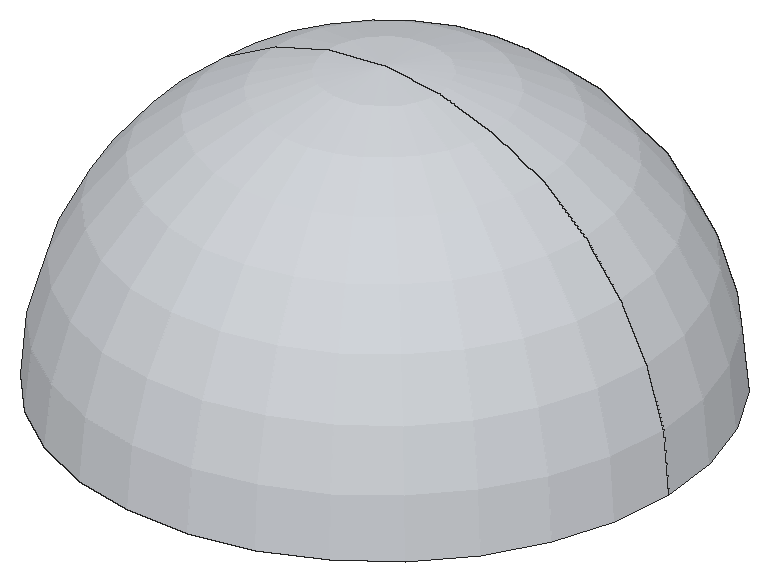
Revit family "trail", category Generic Models, Revit 2023
Family settings
  Can host rebar = No
  Round Connector Dimension = Use Diameter
  Part Type = Normal
  Work Plane-Based = No
  Always vertical = Yes
  Cut with Voids When Loaded = No
  Maintain Annotation Orientation = No
  Shared = No
  Room Calculation Point = No
Parameters
  Radius = 150 mm
  Material = none
  Default Elevation = 0 mm
Reference planes
  plane 1 "Center (Front/Back)": y = 0
  plane 2: z = 0
  plane 3 "Center (Left/Right)": x = 0
Forms (mm)
  Revolve 1, solid
    sketch origin (0, 0, 0) x (1, 0, 0) y (0, 0, 1)
      loop
        line (0, 0) -> (150, 0)
        arc (150, 0) -> (106.066, 106.066) -> (0, 150) r 150
        line (0, 150) -> (0, 0)
      axis (0, 0) -> (0, 150)
    angle from 0 to 360
Dimensions and locks
  "Radius": Revolve 1 sketch curve to Revolve 1 sketch curve
  aligned and locked: level to plane 2
Automatic sketch dimensions
  Revolve 1 sketch curve to level = 0 mm  (x2)
  Revolve 1 sketch curve to plane 3 "Center (Left/Right)" = 0 mm  (x2)
  Revolve 1 sketch curve to Revolve 1 sketch curve = 0 mm
